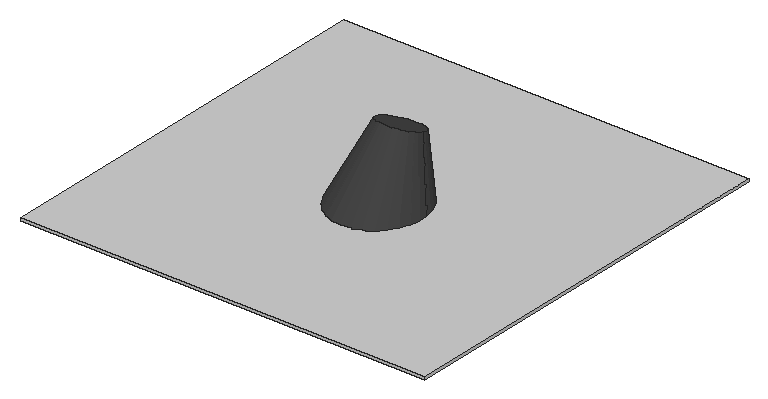
Revit family "CADS_AIRFLOWdev_AirTerminal_RoofSlate_Exhaust", category Air Terminals, host Face, Revit 2015
Parameters (values of type "600")
  WorkExecutionLevel = "N/A"
  WeeklyMaintenance = "N/A"
  WarrantyStartDate [instance] = "N/A"
  WarrantyPeriod = "2"
  WarrantyIdentifier = "N/A"
  WarrantyGuarantorParts = "info@airflow.com"
  WarrantyGuarantorLabor = "info@airflow.com"
  WarrantyGuarantor = "Airflow Developments Ltd"
  WarrantyEndDate [instance] = "N/A"
  WarrantyContent = "Replacement of part if faulty"
  Uniclass2015 = "Pr_65_70_46_01"
  TotalSurfaceArea [instance] = 0.36 m²
  TagNumber [instance] = "N/A"
  Status [instance] = "New"
  Size = "600 x 600 x 2"
  ShippingWeight = 0.06 kg
  Shape = "Rectangular"
  ServiceLifeType = "EXPECTEDSERVICELIFE"
  ServiceLifeDuration = "10"
  SerialNumber [instance] = "N/A"
  RoofSlate_Cover = CADS_Airflow_Chrome
  RoofSlate_Connector = CADS_AirFlow_Black
  ReplacementCost = "77.46"
  QuarterlyMaintenance = "N/A"
  QualityOfComponents = "N/A"
  ProductionYear = "2017"
  ProductLiterature = "N/A"
  PointOfContact = "Airflow Developments Ltd"
  Perimeter [instance] = 2400 mm
  OutdoorEnviornment = "N/A"
  OperationAndMaintenanceManual = "N/A"
  NumberOfSlots = 0
  NominalWidth = 600 mm
  NominalLength = 600 mm
  NominalHeight = 2 mm
  NBSCode = "90-75-50/370 Air terminals;"
  MountingType = "SURFACE"
  MonthlyMaintenance = "N/A"
  ModelReference = "9004598"
  ModelLabel = "600mm square aluminium roof slate (pitched roof)"
  MeanTimeBetweenFailure = "N/A"
  Material = "Aluminium"
  ManufacturerWebsite = "www.airflow.com"
  ManufacturerTelephone = "01494 525252"
  ManufacturerE-Mail = "info@airflow.com"
  ManufacturerAddress = "Aidelle House\nLancaster Road\nCressex Business Park\nHigh Wycombe\nBucks\nHP123QP"
  Manufacturer = "Airflow Developments Ltd"
  MaintenanceRequired8001to12000hrs = "N/A"
  MaintenanceRequired601to1000hrs = "N/A"
  MaintenanceRequired4001to8000hrs = "N/A"
  MaintenanceRequired301to600hrs = "N/A"
  MaintenanceRequired2001to4000hrs = "N/A"
  MaintenanceRequired1001to2000hrs = "N/A"
  MaintenanceRequired0to300hrs = "N/A"
  MaintenanceLevel = "N/A"
  IsExtendedWarranty = no
  IndoorEnviornment = "N/A"
  InUseConditions = "N/A"
  ISO90001 = yes
  ISO140001 = yes
  HasThermalInsulation = no
  HasSoundAttenuator = no
  HasIntegralControl = no
  GrossWeight = 0.05 kg
  Grade = "Virgin"
  GlobalTradeItemNumber = "N/A"
  FlowControlType = "NONE"
  Flow [instance] = 0.0 L/s
  Features [instance] = "600mm square aluminium roof slate (pitched roof)"
  FaceType = "LOUVERED"
  Exclusions = "Incorrect Use / Incorrect Installation / Installed by a non-accredited electrician. Customer abuse."
  DurationUnit = "Years"
  DuctDia [instance] = 85 mm
  DuctCheck [instance] = if(DuctDia < 65 mm, 65 mm, if(DuctDia > 125 mm, 125 mm, DuctDia))  # 85 mm
  Duct [instance] = if(DuctDia = 65 mm, 1 mm, if(DuctDia = 125 mm, 75 mm, 35 mm))  # 35 mm
  DesignLevel = "N/A"
  Description = "600mm square aluminium roof slate (pitched roof)"
  Default Elevation = 1219.2 mm
  DailyMaintenance = "N/A"
  Constituents = "Silver"
  Color = "Silver"
  CodePerformance = "N/A"
  CEApproval = yes
  BespokeTimeFrameMaintenance = "N/A"
  AssetType = "Fixed"
  AssetIdentifier [instance] = "N/A"
  AssemblyPlace = "N/A"
  AnnualMaintenance = "N/A"
  AirflowRateRange = "0-61"
  AccessibilityPerformance = "N/A"
  A = 600 mm
  6MonthlyMaintenance = "Visually inspect system, clean the fan and ducting if necessary"
Types (2, lengths in mm): name | TotalSurfaceArea | Size | ShippingWeight | Perimeter | NominalWidth | NominalLength | ModelReference | ModelLabel | GrossWeight | GlobalTradeItemNumber | Features | Description | A
  450 | 0.2025 m² | "450 x 450 x 2" | 0.036 kg | 1800 | 450 | 450 | "9004597" | "450mm square aluminium roof slate (pitched roof)" | 0.03 kg | "5019009310459" | "450mm square aluminium roof slate (pitched roof)" | "450mm square aluminium roof slate (pitched roof)" | 450
  600 | 0.36 m² | "600 x 600 x 2" | 0.06 kg | 2400 | 600 | 600 | "9004598" | "600mm square aluminium roof slate (pitched roof)" | 0.05 kg | "N/A" | "600mm square aluminium roof slate (pitched roof)" | "600mm square aluminium roof slate (pitched roof)" | 600
Reference planes
  plane 1 "Center (Front/Back)": y = 0
  plane 2: z = 0
  plane 3 "Center (Left/Right)": x = 0
  plane 4: x = -300
  plane 5: x = 300
  plane 6 "Top": y = 300
  plane 7: y = -300
  plane 8: z = 4
  plane 9: z = 89
  plane 10: x = -62.5
  plane 11: x = 62.5
  plane 12: y = 62.5
  plane 13: y = -62.5
  plane 14: y = 32.5
  plane 15: y = -32.5
  plane 16: x = -32.5
  plane 17: x = 32.5
Forms (mm)
  Extrusion 1, solid, material "CADS_Airflow_Chrome" <- "RoofSlate_Cover"
    sketch origin (0, 0, 0) x (1, 0, 0) y (0, 1, 0)
      loop
        line (-300, 300) -> (-300, -300) -> (300, -300) -> (300, 300) -> (-300, 300)
    from 0 to 4
  Blend 2, solid, material "CADS_AirFlow_Black" <- "RoofSlate_Connector"
    base sketch origin (0, 32.5, 89) x (1, 0, 0) y (0, 0.934052, -0.357137)
      loop
        circle (0.027, -1.727) r 32.5
    top sketch origin (0, 0, 4) x (1, 0, 0) y (0, -0.934052, 0.357137)
      loop
        circle (0.027, 1.727) r 75
    from 0 to -32.132
  Extrusion 3, void
    sketch origin (0, 0, 0) x (0, 1, 0) y (0, 0, 1)
      loop
        line (62.5, 4) -> (-102.5, 4) -> (-102.5, -111) -> (62.5, -111) -> (62.5, 4)
    from -217.258 to 250
  Extrusion 4, solid, not visible
    sketch origin (0, 32.5, 89) x (0, 0.934052, -0.357137) y (1, 0, 0)
      loop
        circle (0, 0) r 15
    from 0 to 35 <- "Duct"
Cuts and joins
  Extrusion 3 cuts Blend 2
Lines and regions (mm)
  reference lines
    curve 1: line (0, 0, 4) -> (0, 32.5, 89)
Dimensions and locks
  equal spacing: plane 4, plane 3 "Center (Left/Right)", plane 5
  "A": plane 4 to plane 5
  equal spacing: plane 6 "Top", plane 1 "Center (Front/Back)", plane 7
  "A": plane 6 "Top" to plane 7
  locked: plane 8 to level at 4
  locked: plane 9 to plane 8 at 85
  equal spacing: plane 12, plane 1 "Center (Front/Back)", plane 13
  equal spacing: plane 10, plane 3 "Center (Left/Right)", plane 11
  locked: plane 10 to plane 11 at 125
  locked: plane 12 to plane 13 at 125
  equal spacing: plane 15, plane 1 "Center (Front/Back)", plane 14
  equal spacing: plane 16, plane 3 "Center (Left/Right)", plane 17
  locked: plane 16 to plane 17 at 65
  locked: plane 15 to plane 14 at 65
  aligned and locked: plane 2 to host face
  aligned and locked: level to host face
  aligned and locked: plane 4 to Extrusion 1 sketch curve
  aligned and locked: Extrusion 1 sketch curve to plane 5
  aligned and locked: plane 8 to Extrusion 1
  aligned and locked: plane 14 to curve 1
  aligned and locked: plane 9 to curve 1
  aligned and locked: plane 1 "Center (Front/Back)" to curve 1
  aligned and locked: plane 8 to curve 1
  aligned and locked: plane 8 to Extrusion 3 sketch curve
  aligned and locked: plane 12 to Extrusion 3 sketch curve
Automatic sketch dimensions
  host sketch curve to host sketch curve = 2438.4 mm  (x2)
  Extrusion 1 sketch curve to plane 7 = 0 mm
  Extrusion 1 sketch curve to plane 6 "Top" = 0 mm
  plane 3 "Center (Left/Right)" to Blend 2 sketch curve = 0.027 mm  (x2)
  Extrusion 3 sketch curve to plane 13 = 40 mm
  Extrusion 3 sketch curve to level = 111 mm
  Extrusion 4 sketch curve to plane 3 "Center (Left/Right)" = 0 mm
  radius of Blend 2 sketch curve = 32.5 mm
  radius of Blend 2 sketch curve = 75 mm
  radius of Extrusion 4 sketch curve = 15 mm
Connectors
  hvac at (0, 20, 56.308), driven by "DuctCheck", driven by "Flow"
    settings: on Extrusion 4, index 1, duct flow 0.0 L/s, flow factor 0, pres drop 0.0 Pa, loss coef 0, conn angle 0.00°, conn width 304.8 mm, conn height 304.8 mm, conn diameter 85 mm, duct sys type 3, conn prof type 0, flow config 0, flow direction 1, loss method 0, conn ref index -1, conn util no, is conn primary yes, conn desc ""
